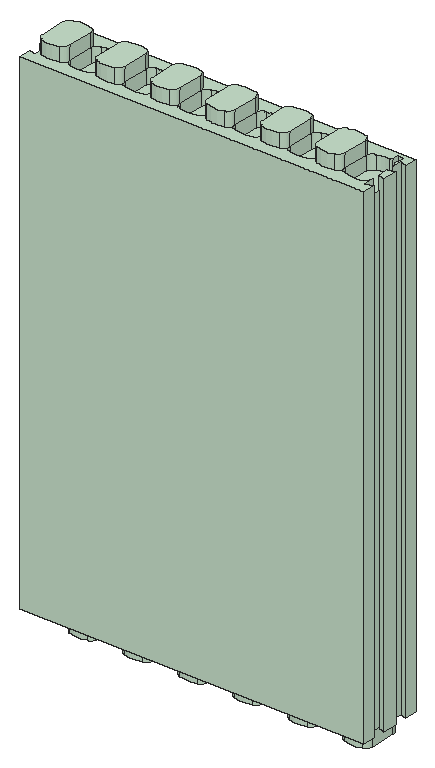
Revit family
Reference planes (in)
  plane 1 "Center (Front/Back)": y = 0
  plane 2: z = 0
  plane 3 "Center (Left/Right)": x = -3
  plane 4: y = 2.375
  plane 5: z = 18
  plane 6: x = 9.5
Forms (in)
  Extrusion 1, solid, material "NUDURA Expanded Polystyrene Foam Insulation"
    sketch origin (0, 0, 0) x (1, 0, 0) y (0, 1, 0)
      loop
        line (-3, 0) -> (9.5, 0) -> (9.5, 0.44867) -> (9.25, 0.38168) -> (9.25, 0.98867) -> (9.5, 0.92633) -> (9.5, 1.44867) -> (9.25, 1.38168) -> (9.25, 1.98867) -> (9.5, 1.92633) -> (9.5, 2.375) -> (-3, 2.375) -> (-3, 1.92633) -> (-2.75, 1.99332) -> (-2.75, 1.38633) -> (-3, 1.44867) -> (-3, 0.92633) -> (-2.75, 0.99332) -> (-2.75, 0.38633) -> (-3, 0.44867) -> (-3, 0)
    from 0 to 18
  Extrusion 2, void
    sketch origin (-0.01563, 0, 0) x (1, 0, 0) y (0, 1, 0)
      loop
        arc (2.98523, 1.98842) -> (2.96388, 1.94159) -> (2.91453, 1.92701) r 0.06202
        arc (2.91453, 1.92701) -> (2.67428, 1.93357) -> (2.4387, 1.88595) r 1.0625
        arc (2.4387, 1.88595) -> (2.31347, 1.79517) -> (2.26563, 1.64808) r 0.25
        line (2.26563, 1.64808) -> (2.26563, 0.72692)
        arc (2.26563, 0.72692) -> (2.31347, 0.57983) -> (2.4387, 0.48905) r 0.25
        arc (2.4387, 0.48905) -> (2.76563, 0.4375) -> (3.09255, 0.48905) r 1.0625
        arc (3.09255, 0.48905) -> (3.21778, 0.57983) -> (3.26563, 0.72692) r 0.25
        line (3.26563, 0.72692) -> (3.26563, 1.64808)
        arc (3.26563, 1.64808) -> (3.25199, 1.72953) -> (3.21256, 1.80209) r 0.25
        arc (3.21256, 1.80209) -> (3.20278, 1.82009) -> (3.19939, 1.84029) r 0.06202
        line (3.19939, 1.84029) -> (3.19939, 2.21033) -> (2.98523, 2.21033) -> (2.98523, 1.98842)
    from 18 to 17.5
  Extrusion 3, void
    sketch origin (1.98437, 0, 0) x (1, 0, 0) y (0, 1, 0)
      loop
        arc (2.98523, 1.98842) -> (2.96388, 1.94159) -> (2.91453, 1.92701) r 0.06202
        arc (2.91453, 1.92701) -> (2.67428, 1.93357) -> (2.4387, 1.88595) r 1.0625
        arc (2.4387, 1.88595) -> (2.31347, 1.79517) -> (2.26563, 1.64808) r 0.25
        line (2.26563, 1.64808) -> (2.26563, 0.72692)
        arc (2.26563, 0.72692) -> (2.31347, 0.57983) -> (2.4387, 0.48905) r 0.25
        arc (2.4387, 0.48905) -> (2.76563, 0.4375) -> (3.09255, 0.48905) r 1.0625
        arc (3.09255, 0.48905) -> (3.21778, 0.57983) -> (3.26563, 0.72692) r 0.25
        line (3.26563, 0.72692) -> (3.26563, 1.64808)
        arc (3.26563, 1.64808) -> (3.25199, 1.72953) -> (3.21256, 1.80209) r 0.25
        arc (3.21256, 1.80209) -> (3.20278, 1.82009) -> (3.19939, 1.84029) r 0.06202
        line (3.19939, 1.84029) -> (3.19939, 2.21033) -> (2.98523, 2.21033) -> (2.98523, 1.98842)
    from 18 to 17.5
  Extrusion 4, void
    sketch origin (-2.01563, 0, 0) x (1, 0, 0) y (0, 1, 0)
      loop
        arc (2.98523, 1.98842) -> (2.96388, 1.94159) -> (2.91453, 1.92701) r 0.06202
        arc (2.91453, 1.92701) -> (2.67428, 1.93357) -> (2.4387, 1.88595) r 1.0625
        arc (2.4387, 1.88595) -> (2.31347, 1.79517) -> (2.26563, 1.64808) r 0.25
        line (2.26563, 1.64808) -> (2.26563, 0.72692)
        arc (2.26563, 0.72692) -> (2.31347, 0.57983) -> (2.4387, 0.48905) r 0.25
        arc (2.4387, 0.48905) -> (2.76563, 0.4375) -> (3.09255, 0.48905) r 1.0625
        arc (3.09255, 0.48905) -> (3.21778, 0.57983) -> (3.26563, 0.72692) r 0.25
        line (3.26563, 0.72692) -> (3.26563, 1.64808)
        arc (3.26563, 1.64808) -> (3.25199, 1.72953) -> (3.21256, 1.80209) r 0.25
        arc (3.21256, 1.80209) -> (3.20278, 1.82009) -> (3.19939, 1.84029) r 0.06202
        line (3.19939, 1.84029) -> (3.19939, 2.21033) -> (2.98523, 2.21033) -> (2.98523, 1.98842)
    from 18 to 17.5
  Extrusion 5, void
    sketch origin (0, 0, 0) x (1, 0, 0) y (0, 1, 0)
      loop
        line (5.53039, 1.98842) -> (5.53039, 2.21033) -> (5.31623, 2.21033) -> (5.31623, 1.84029)
        arc (5.31623, 1.84029) -> (5.31285, 1.82009) -> (5.30307, 1.80209) r 0.06202
        arc (5.30307, 1.80209) -> (5.26364, 1.72953) -> (5.25, 1.64808) r 0.25
        line (5.25, 1.64808) -> (5.25, 0.72692)
        arc (5.25, 0.72692) -> (5.29785, 0.57983) -> (5.42308, 0.48905) r 0.25
        arc (5.42308, 0.48905) -> (5.75, 0.4375) -> (6.07692, 0.48905) r 1.0625
        arc (6.07692, 0.48905) -> (6.20215, 0.57983) -> (6.25, 0.72692) r 0.25
        line (6.25, 0.72692) -> (6.25, 1.64808)
        arc (6.25, 1.64808) -> (6.20215, 1.79517) -> (6.07692, 1.88595) r 0.25
        arc (6.07692, 1.88595) -> (5.84135, 1.93357) -> (5.6011, 1.92701) r 1.0625
        arc (5.6011, 1.92701) -> (5.55174, 1.94159) -> (5.53039, 1.98842) r 0.06202
      loop
        line (3.53039, 1.98842) -> (3.53039, 2.21033) -> (3.31623, 2.21033) -> (3.31623, 1.84029)
        arc (3.31623, 1.84029) -> (3.31285, 1.82009) -> (3.30307, 1.80209) r 0.06202
        arc (3.30307, 1.80209) -> (3.26364, 1.72953) -> (3.25, 1.64808) r 0.25
        line (3.25, 1.64808) -> (3.25, 0.72692)
        arc (3.25, 0.72692) -> (3.29785, 0.57983) -> (3.42308, 0.48905) r 0.25
        arc (3.42308, 0.48905) -> (3.75, 0.4375) -> (4.07692, 0.48905) r 1.0625
        arc (4.07692, 0.48905) -> (4.20215, 0.57983) -> (4.25, 0.72692) r 0.25
        line (4.25, 0.72692) -> (4.25, 1.64808)
        arc (4.25, 1.64808) -> (4.20215, 1.79517) -> (4.07692, 1.88595) r 0.25
        arc (4.07692, 1.88595) -> (3.84135, 1.93357) -> (3.6011, 1.92701) r 1.0625
        arc (3.6011, 1.92701) -> (3.55174, 1.94159) -> (3.53039, 1.98842) r 0.06202
      loop
        line (1.53039, 1.98842) -> (1.53039, 2.21033) -> (1.31623, 2.21033) -> (1.31623, 1.84029)
        arc (1.31623, 1.84029) -> (1.31285, 1.82009) -> (1.30307, 1.80209) r 0.06202
        arc (1.30307, 1.80209) -> (1.26364, 1.72953) -> (1.25, 1.64808) r 0.25
        line (1.25, 1.64808) -> (1.25, 0.72692)
        arc (1.25, 0.72692) -> (1.29785, 0.57983) -> (1.42308, 0.48905) r 0.25
        arc (1.42308, 0.48905) -> (1.75, 0.4375) -> (2.07692, 0.48905) r 1.0625
        arc (2.07692, 0.48905) -> (2.20215, 0.57983) -> (2.25, 0.72692) r 0.25
        line (2.25, 0.72692) -> (2.25, 1.64808)
        arc (2.25, 1.64808) -> (2.20215, 1.79517) -> (2.07692, 1.88595) r 0.25
        arc (2.07692, 1.88595) -> (1.84135, 1.93357) -> (1.6011, 1.92701) r 1.0625
        arc (1.6011, 1.92701) -> (1.55174, 1.94159) -> (1.53039, 1.98842) r 0.06202
      loop
        line (-0.46961, 1.98842) -> (-0.46961, 2.21033) -> (-0.68377, 2.21033) -> (-0.68377, 1.84029)
        arc (-0.68377, 1.84029) -> (-0.68715, 1.82009) -> (-0.69693, 1.80209) r 0.06202
        arc (-0.69693, 1.80209) -> (-0.73636, 1.72953) -> (-0.75, 1.64808) r 0.25
        line (-0.75, 1.64808) -> (-0.75, 0.72692)
        arc (-0.75, 0.72692) -> (-0.70215, 0.57983) -> (-0.57692, 0.48905) r 0.25
        arc (-0.57692, 0.48905) -> (-0.25, 0.4375) -> (0.07692, 0.48905) r 1.0625
        arc (0.07692, 0.48905) -> (0.20215, 0.57983) -> (0.25, 0.72692) r 0.25
        line (0.25, 0.72692) -> (0.25, 1.64808)
        arc (0.25, 1.64808) -> (0.20215, 1.79517) -> (0.07692, 1.88595) r 0.25
        arc (0.07692, 1.88595) -> (-0.15865, 1.93357) -> (-0.3989, 1.92701) r 1.0625
        arc (-0.3989, 1.92701) -> (-0.44826, 1.94159) -> (-0.46961, 1.98842) r 0.06202
      loop
        line (7.53039, 1.98842) -> (7.53039, 2.21033) -> (7.31623, 2.21033) -> (7.31623, 1.84029)
        arc (7.31623, 1.84029) -> (7.31285, 1.82009) -> (7.30307, 1.80209) r 0.06202
        arc (7.30307, 1.80209) -> (7.26364, 1.72953) -> (7.25, 1.64808) r 0.25
        line (7.25, 1.64808) -> (7.25, 0.72692)
        arc (7.25, 0.72692) -> (7.29785, 0.57983) -> (7.42308, 0.48905) r 0.25
        arc (7.42308, 0.48905) -> (7.75, 0.4375) -> (8.07692, 0.48905) r 1.0625
        arc (8.07692, 0.48905) -> (8.20215, 0.57983) -> (8.25, 0.72692) r 0.25
        line (8.25, 0.72692) -> (8.25, 1.64808)
        arc (8.25, 1.64808) -> (8.20215, 1.79517) -> (8.07692, 1.88595) r 0.25
        arc (8.07692, 1.88595) -> (7.84135, 1.93357) -> (7.6011, 1.92701) r 1.0625
        arc (7.6011, 1.92701) -> (7.55174, 1.94159) -> (7.53039, 1.98842) r 0.06202
      loop
        line (-2.46961, 1.98842) -> (-2.46961, 2.21033) -> (-2.68377, 2.21033) -> (-2.68377, 1.84029)
        arc (-2.68377, 1.84029) -> (-2.68715, 1.82009) -> (-2.69693, 1.80209) r 0.06202
        arc (-2.69693, 1.80209) -> (-2.73636, 1.72953) -> (-2.75, 1.64808) r 0.25
        line (-2.75, 1.64808) -> (-2.75, 0.72692)
        arc (-2.75, 0.72692) -> (-2.70215, 0.57983) -> (-2.57692, 0.48905) r 0.25
        arc (-2.57692, 0.48905) -> (-2.25, 0.4375) -> (-1.92308, 0.48905) r 1.0625
        arc (-1.92308, 0.48905) -> (-1.79785, 0.57983) -> (-1.75, 0.72692) r 0.25
        line (-1.75, 0.72692) -> (-1.75, 1.64808)
        arc (-1.75, 1.64808) -> (-1.79785, 1.79517) -> (-1.92308, 1.88595) r 0.25
        arc (-1.92308, 1.88595) -> (-2.15865, 1.93357) -> (-2.3989, 1.92701) r 1.0625
        arc (-2.3989, 1.92701) -> (-2.44826, 1.94159) -> (-2.46961, 1.98842) r 0.06202
    from 0 to 0.5
  Extrusion 6, void
    sketch origin (3.98437, 0, 0) x (1, 0, 0) y (0, 1, 0)
      loop
        arc (2.98523, 1.98842) -> (2.96388, 1.94159) -> (2.91453, 1.92701) r 0.06202
        arc (2.91453, 1.92701) -> (2.67428, 1.93357) -> (2.4387, 1.88595) r 1.0625
        arc (2.4387, 1.88595) -> (2.31347, 1.79517) -> (2.26563, 1.64808) r 0.25
        line (2.26563, 1.64808) -> (2.26563, 0.72692)
        arc (2.26563, 0.72692) -> (2.31347, 0.57983) -> (2.4387, 0.48905) r 0.25
        arc (2.4387, 0.48905) -> (2.76563, 0.4375) -> (3.09255, 0.48905) r 1.0625
        arc (3.09255, 0.48905) -> (3.21778, 0.57983) -> (3.26563, 0.72692) r 0.25
        line (3.26563, 0.72692) -> (3.26563, 1.64808)
        arc (3.26563, 1.64808) -> (3.25199, 1.72953) -> (3.21256, 1.80209) r 0.25
        arc (3.21256, 1.80209) -> (3.20278, 1.82009) -> (3.19939, 1.84029) r 0.06202
        line (3.19939, 1.84029) -> (3.19939, 2.21033) -> (2.98523, 2.21033) -> (2.98523, 1.98842)
    from 18 to 17.5
  Extrusion 7, void
    sketch origin (-4.01563, 0, 0) x (1, 0, 0) y (0, 1, 0)
      loop
        arc (2.98523, 1.98842) -> (2.96388, 1.94159) -> (2.91453, 1.92701) r 0.06202
        arc (2.91453, 1.92701) -> (2.67428, 1.93357) -> (2.4387, 1.88595) r 1.0625
        arc (2.4387, 1.88595) -> (2.31347, 1.79517) -> (2.26563, 1.64808) r 0.25
        line (2.26563, 1.64808) -> (2.26563, 0.72692)
        arc (2.26563, 0.72692) -> (2.31347, 0.57983) -> (2.4387, 0.48905) r 0.25
        arc (2.4387, 0.48905) -> (2.76563, 0.4375) -> (3.09255, 0.48905) r 1.0625
        arc (3.09255, 0.48905) -> (3.21778, 0.57983) -> (3.26563, 0.72692) r 0.25
        line (3.26563, 0.72692) -> (3.26563, 1.64808)
        arc (3.26563, 1.64808) -> (3.25199, 1.72953) -> (3.21256, 1.80209) r 0.25
        arc (3.21256, 1.80209) -> (3.20278, 1.82009) -> (3.19939, 1.84029) r 0.06202
        line (3.19939, 1.84029) -> (3.19939, 2.21033) -> (2.98523, 2.21033) -> (2.98523, 1.98842)
    from 18 to 17.5
  Extrusion 8, void
    sketch origin (5.98437, 0, 0) x (1, 0, 0) y (0, 1, 0)
      loop
        arc (2.98523, 1.98842) -> (2.96388, 1.94159) -> (2.91453, 1.92701) r 0.06202
        arc (2.91453, 1.92701) -> (2.67428, 1.93357) -> (2.4387, 1.88595) r 1.0625
        arc (2.4387, 1.88595) -> (2.31347, 1.79517) -> (2.26563, 1.64808) r 0.25
        line (2.26563, 1.64808) -> (2.26563, 0.72692)
        arc (2.26563, 0.72692) -> (2.31347, 0.57983) -> (2.4387, 0.48905) r 0.25
        arc (2.4387, 0.48905) -> (2.76563, 0.4375) -> (3.09255, 0.48905) r 1.0625
        arc (3.09255, 0.48905) -> (3.21778, 0.57983) -> (3.26563, 0.72692) r 0.25
        line (3.26563, 0.72692) -> (3.26563, 1.64808)
        arc (3.26563, 1.64808) -> (3.25199, 1.72953) -> (3.21256, 1.80209) r 0.25
        arc (3.21256, 1.80209) -> (3.20278, 1.82009) -> (3.19939, 1.84029) r 0.06202
        line (3.19939, 1.84029) -> (3.19939, 2.21033) -> (2.98523, 2.21033) -> (2.98523, 1.98842)
    from 18 to 17.5
Cuts and joins
  Extrusion 2, Extrusion 3, Extrusion 4, Extrusion 5, Extrusion 6, Extrusion 7, Extrusion 8 cuts Extrusion 1
Lines and regions (in)
  model lines
    curve 1: line (-0.75, 0, 0) -> (-0.75, 0, 18)
Dimensions and locks (in)
  locked: plane 5 to plane 2 at 18
  aligned and locked: nested 14 to cut or joined group of Extrusion 1, Extrusion 2, Extrusion 3, Extrusion 4, Extrusion 5, Extrusion 6, Extrusion 7, Extrusion 8
Nested families (in)
  nested 1: "Capture Lugs" at (3.25, 5.625, 0), type "Capture Lugs"
  nested 2: "Interlock Tooth" at (1.25, 5.625, 0), type "Interlock Tooth"
  nested 3: "Interlock Tooth" at (3.25, 5.625, 0), type "Interlock Tooth"
  nested 4: "Interlock Tooth" at (5.25, 5.625, 0), type "Interlock Tooth"
  nested 5: "Interlock Tooth" at (4.25, 5.625, -18.5), type "Interlock Tooth"
  nested 6: "Interlock Tooth" at (2.25, 5.625, -18.5), type "Interlock Tooth"
  nested 7: "Interlock Tooth" at (0.25, 5.625, -18.5), type "Interlock Tooth"
  nested 8: "Interlock Tooth" at (6.25, 5.625, -18.5), type "Interlock Tooth"
  nested 9: "Interlock Tooth" at (-0.75, 5.625, 0), type "Interlock Tooth"
  nested 10: "Interlock Tooth" at (-1.75, 5.625, -18.5), type "Interlock Tooth"
  nested 11: "Interlock Tooth" at (7.25, 5.625, 0), type "Interlock Tooth"
  nested 12: "Interlock Tooth" at (-2.75, 5.625, 0), type "Interlock Tooth"
  nested 13: "Interlock Tooth" at (8.25, 5.625, -18.5), type "Interlock Tooth"
  nested 14: "NUDURA Logo Diamond" at (-8.74744, 0, 0), type "NUDURA Logo Diamond"
Definition of nested family "Capture Lugs"
  Reference planes (in)
    plane 1 "Center (Front/Back)": y = 0
    plane 2: z = 0
    plane 3 "Center (Left/Right)": x = 0
  Forms (in)
    Extrusion 1, solid, material "High Density Polystyrene"
      sketch origin (0, 0, 0) x (0, 1, 0) y (0, 0, 1)
        loop
          arc (-3.25, 0) -> (-3.22112, 0.01975) -> (-3.21, 0.05292) r 0.055
          line (-3.21, 0.05292) -> (-3.21, 17.69292)
          arc (-3.21, 17.69292) -> (-3.22112, 17.72608) -> (-3.25, 17.74583) r 0.055
          line (-3.25, 17.74583) -> (-3.25, 0)
      from 0.36328 to -0.36328
    Extrusion 2, solid, material "High Density Polystyrene"
      sketch origin (0, 0, 0) x (0, 1, 0) y (0, 0, 1)
        loop
          line (-3.21, 16.17792) -> (-3.21, 14.97792) -> (-2.71, 14.97792) -> (-2.71, 16.17792) -> (-3.21, 16.17792)
        loop
          line (-3.21, 14.22792) -> (-3.21, 13.02792) -> (-2.71, 13.02792) -> (-2.71, 14.22792) -> (-3.21, 14.22792)
        loop
          line (-3.21, 12.27792) -> (-3.21, 11.07792) -> (-2.71, 11.07792) -> (-2.71, 12.27792) -> (-3.21, 12.27792)
        loop
          line (-3.21, 10.32792) -> (-3.21, 9.24792) -> (-2.71, 9.24792) -> (-2.71, 10.32792) -> (-3.21, 10.32792)
        loop
          line (-3.21, 8.49792) -> (-3.21, 7.41792) -> (-2.71, 7.41792) -> (-2.71, 8.49792) -> (-3.21, 8.49792)
        loop
          line (-3.21, 6.66792) -> (-3.21, 5.46792) -> (-2.71, 5.46792) -> (-2.71, 6.66792) -> (-3.21, 6.66792)
        loop
          line (-3.21, 4.71792) -> (-3.21, 3.51792) -> (-2.71, 3.51792) -> (-2.71, 4.71792) -> (-3.21, 4.71792)
        loop
          line (-3.21, 2.76792) -> (-3.21, 1.56792) -> (-2.71, 1.56792) -> (-2.71, 2.76792) -> (-3.21, 2.76792)
      from 0.25 to -0.25
    Extrusion 3, void
      sketch origin (0, 0, 0) x (1, 0, 0) y (0, 1, 0)
        loop
          arc (-0.25, -2.79249) -> (-0.22584, -2.73416) -> (-0.1675, -2.71) r 0.0825
          line (-0.1675, -2.71) -> (-0.25, -2.71) -> (-0.25, -2.79249)
      from 0 to 18
    Extrusion 4, void
      sketch origin (0, 0, 0) x (-1, 0, 0) y (0, -1, 0)
        loop
          line (-0.25, 2.79249) -> (-0.25, 2.71) -> (-0.1675, 2.71)
          arc (-0.1675, 2.71) -> (-0.22584, 2.73416) -> (-0.25, 2.79249) r 0.0825
      from 0 to 18
    Extrusion 5, void
      sketch origin (0, 0, 0) x (1, 0, 0) y (0, 1, 0)
        loop
          arc (-0.04687, -2.835) -> (0, -3.07587) -> (0.04688, -2.835) r 0.125
          line (0.04688, -2.835) -> (0.04688, -2.71) -> (-0.04687, -2.71) -> (-0.04687, -2.835)
      from 0 to 18
  Cuts and joins
    Extrusion 3, Extrusion 4 cuts Extrusion 1
    Extrusion 3, Extrusion 4, Extrusion 5 cuts Extrusion 2
Definition of nested family "Interlock Tooth"
  Reference planes (in)
    plane 1 "Center (Front/Back)": y = 0
    plane 2: z = 0
    plane 3 "Center (Left/Right)": x = 0
    plane 4: z = 18
    plane 5: z = 18.5
    plane 6: z = -0.5
  Forms (in)
    Extrusion 1, solid, material "NUDURA Expanded Polystyrene Foam Insulation"
      sketch origin (0, -8.875, 0) x (1, 0, 0) y (0, 1, 0)
        loop
          arc (0, 3.97692) -> (0.04785, 3.82983) -> (0.17308, 3.73905) r 0.25
          arc (0.17308, 3.73905) -> (0.5, 3.6875) -> (0.82692, 3.73905) r 1.0625
          arc (0.82692, 3.73905) -> (0.95215, 3.82983) -> (1, 3.97692) r 0.25
          line (1, 3.97692) -> (1, 4.89808)
          arc (1, 4.89808) -> (0.95215, 5.04517) -> (0.82692, 5.13595) r 0.25
          arc (0.82692, 5.13595) -> (0.5, 5.1875) -> (0.17308, 5.13595) r 1.0625
          arc (0.17308, 5.13595) -> (0.04785, 5.04517) -> (0, 4.89808) r 0.25
          line (0, 4.89808) -> (0, 3.97692)
      from 18 to 18.5
  Dimensions and locks (in)
    locked: plane 4 to level at 18
    locked: plane 4 to plane 5 at 0.5
    locked: plane 6 to level at 0.5
Definition of nested family "NUDURA Logo Diamond"
  Reference planes (in)
    plane 1 "Center (Front/Back)": y = 0
    plane 2: z = 0
    plane 3 "Center (Left/Right)": x = 0
  Lines and regions (in)
    model lines
      curve 1: line (12.59848, 0, 17.50104) -> (12.24492, 0, 17.85459)
      curve 2: line (12.36113, 0, 16.76872) -> (12.59848, 0, 17.00607)
      curve 3: line (12.59848, 0, 16.00104) -> (12.36113, 0, 16.23839)
      curve 4: line (12.36113, 0, 15.26872) -> (12.59848, 0, 15.50607)
      curve 5: line (12.59848, 0, 14.50104) -> (12.36113, 0, 14.73839)
      curve 6: line (12.36113, 0, 13.76872) -> (12.59848, 0, 14.00607)
      curve 7: line (12.17421, 0, 13.28388) -> (12.71208, 0, 12.74602)
      curve 8: line (12.71208, 0, 12.74602) -> (12.78279, 0, 12.81673)
      curve 9: line (11.28279, 0, 12.74602) -> (11.82066, 0, 13.28388)
      curve 10: line (11.63374, 0, 13.23839) -> (11.21208, 0, 12.81673)
      curve 11: line (11.3964, 0, 14.00607) -> (11.63374, 0, 13.76872)
      curve 12: line (11.63374, 0, 14.73839) -> (11.3964, 0, 14.50104)
      curve 13: line (11.3964, 0, 15.50607) -> (11.63374, 0, 15.26872)
      curve 14: line (11.63374, 0, 16.23839) -> (11.3964, 0, 16.00104)
      curve 15: line (11.3964, 0, 17.00607) -> (11.63374, 0, 16.76872)
      curve 16: line (11.74995, 0, 17.85459) -> (11.3964, 0, 17.50104)
      curve 17: line (11.82066, 0, 17.78388) -> (11.46711, 0, 17.43033)
      curve 18: line (12.52777, 0, 17.43033) -> (12.17421, 0, 17.78388)
      curve 19: line (12.17421, 0, 16.72322) -> (12.52777, 0, 17.07678)
      curve 20: line (11.46711, 0, 17.07678) -> (11.82066, 0, 16.72322)
      curve 21: arc (11.3964, 0, 17.50104) -> (11.29388, 0, 17.25355) -> (11.3964, 0, 17.00607) r 0.35
      curve 22: arc (11.74995, 0, 17.85459) -> (11.99744, 0, 17.95711) -> (12.24492, 0, 17.85459) r 0.35
      curve 23: arc (11.46711, 0, 17.43033) -> (11.39388, 0, 17.25355) -> (11.46711, 0, 17.07678) r 0.25
      curve 24: arc (12.52777, 0, 17.43033) -> (12.60099, 0, 17.25355) -> (12.52777, 0, 17.07678) r 0.25
      curve 25: arc (12.17421, 0, 16.72322) -> (11.99744, 0, 16.65) -> (11.82066, 0, 16.72322) r 0.25
      curve 26: arc (11.82066, 0, 17.78388) -> (11.99744, 0, 17.85711) -> (12.17421, 0, 17.78388) r 0.25
      curve 27: arc (12.59848, 0, 17.50104) -> (12.70099, 0, 17.25355) -> (12.59848, 0, 17.00607) r 0.35
      curve 28: arc (11.63374, 0, 16.76872) -> (11.74358, 0, 16.50355) -> (11.63374, 0, 16.23839) r 0.375
      curve 29: arc (12.36113, 0, 16.76872) -> (12.2513, 0, 16.50355) -> (12.36113, 0, 16.23839) r 0.375
      curve 30: line (12.36113, 0, 15.26872) -> (12.59848, 0, 15.50607)
      curve 31: line (11.3964, 0, 15.50607) -> (11.63374, 0, 15.26872)
      curve 32: line (11.82066, 0, 16.28388) -> (11.46711, 0, 15.93033)
      curve 33: line (12.52777, 0, 15.93033) -> (12.17421, 0, 16.28388)
      curve 34: line (12.17421, 0, 15.22322) -> (12.52777, 0, 15.57678)
      curve 35: line (11.46711, 0, 15.57678) -> (11.82066, 0, 15.22322)
      curve 36: arc (11.3964, 0, 16.00104) -> (11.29388, 0, 15.75355) -> (11.3964, 0, 15.50607) r 0.35
      curve 37: arc (11.46711, 0, 15.93033) -> (11.39388, 0, 15.75355) -> (11.46711, 0, 15.57678) r 0.25
      curve 38: arc (12.52777, 0, 15.93033) -> (12.60099, 0, 15.75355) -> (12.52777, 0, 15.57678) r 0.25
      curve 39: arc (12.17421, 0, 15.22322) -> (11.99744, 0, 15.15) -> (11.82066, 0, 15.22322) r 0.25
      curve 40: arc (11.82066, 0, 16.28388) -> (11.99744, 0, 16.35711) -> (12.17421, 0, 16.28388) r 0.25
      curve 41: arc (12.59848, 0, 16.00104) -> (12.70099, 0, 15.75355) -> (12.59848, 0, 15.50607) r 0.35
      curve 42: line (11.63374, 0, 16.23839) -> (11.3964, 0, 16.00104)
      curve 43: line (12.59848, 0, 16.00104) -> (12.36113, 0, 16.23839)
      curve 44: arc (11.63374, 0, 15.26872) -> (11.74358, 0, 15.00355) -> (11.63374, 0, 14.73839) r 0.375
      curve 45: arc (12.36113, 0, 15.26872) -> (12.2513, 0, 15.00355) -> (12.36113, 0, 14.73839) r 0.375
      curve 46: line (12.36113, 0, 13.76872) -> (12.59848, 0, 14.00607)
      curve 47: line (11.3964, 0, 14.00607) -> (11.63374, 0, 13.76872)
      curve 48: line (11.82066, 0, 14.78388) -> (11.46711, 0, 14.43033)
      curve 49: line (12.52777, 0, 14.43033) -> (12.17421, 0, 14.78388)
      curve 50: line (12.17421, 0, 13.72322) -> (12.52777, 0, 14.07678)
      curve 51: line (11.46711, 0, 14.07678) -> (11.82066, 0, 13.72322)
      curve 52: arc (11.3964, 0, 14.50104) -> (11.29388, 0, 14.25355) -> (11.3964, 0, 14.00607) r 0.35
      curve 53: arc (11.46711, 0, 14.43033) -> (11.39388, 0, 14.25355) -> (11.46711, 0, 14.07678) r 0.25
      curve 54: arc (12.52777, 0, 14.43033) -> (12.60099, 0, 14.25355) -> (12.52777, 0, 14.07678) r 0.25
      curve 55: arc (12.17421, 0, 13.72322) -> (11.99744, 0, 13.65) -> (11.82066, 0, 13.72322) r 0.25
      curve 56: arc (11.82066, 0, 14.78388) -> (11.99744, 0, 14.85711) -> (12.17421, 0, 14.78388) r 0.25
      curve 57: arc (12.59848, 0, 14.50104) -> (12.70099, 0, 14.25355) -> (12.59848, 0, 14.00607) r 0.35
      curve 58: line (11.63374, 0, 14.73839) -> (11.3964, 0, 14.50104)
      curve 59: arc (11.63374, 0, 13.76872) -> (11.74358, 0, 13.50355) -> (11.63374, 0, 13.23839) r 0.375
      curve 60: arc (12.36113, 0, 13.76872) -> (12.2513, 0, 13.50355) -> (12.36113, 0, 13.23839) r 0.375
      curve 61: line (12.78279, 0, 12.81673) -> (12.36113, 0, 13.23839)
      curve 62: line (11.21208, 0, 12.81673) -> (11.28279, 0, 12.74602)
      curve 63: arc (11.82066, 0, 13.28388) -> (11.99744, 0, 13.35711) -> (12.17421, 0, 13.28388) r 0.25
      curve 64: line (12.59848, 0, 0.50607) -> (12.24492, 0, 0.15251)
      curve 65: line (12.36113, 0, 1.23839) -> (12.59848, 0, 1.00104)
      curve 66: line (12.59848, 0, 2.00607) -> (12.36113, 0, 1.76872)
      curve 67: line (12.36113, 0, 2.73839) -> (12.59848, 0, 2.50104)
      curve 68: line (12.59848, 0, 3.50607) -> (12.36113, 0, 3.26872)
      curve 69: line (12.36113, 0, 4.23839) -> (12.59848, 0, 4.00104)
      curve 70: line (12.17421, 0, 4.72322) -> (12.71208, 0, 5.26109)
      curve 71: line (12.71208, 0, 5.26109) -> (12.78279, 0, 5.19038)
      curve 72: line (11.28279, 0, 5.26109) -> (11.82066, 0, 4.72322)
      curve 73: line (11.63374, 0, 4.76872) -> (11.21208, 0, 5.19038)
      curve 74: line (11.3964, 0, 4.00104) -> (11.63374, 0, 4.23839)
      curve 75: line (11.63374, 0, 3.26872) -> (11.3964, 0, 3.50607)
      curve 76: line (11.3964, 0, 2.50104) -> (11.63374, 0, 2.73839)
      curve 77: line (11.63374, 0, 1.76872) -> (11.3964, 0, 2.00607)
      curve 78: line (11.3964, 0, 1.00104) -> (11.63374, 0, 1.23839)
      curve 79: line (11.74995, 0, 0.15251) -> (11.3964, 0, 0.50607)
      curve 80: line (11.82066, 0, 0.22322) -> (11.46711, 0, 0.57678)
      curve 81: line (12.52777, 0, 0.57678) -> (12.17421, 0, 0.22322)
      curve 82: line (12.17421, 0, 1.28388) -> (12.52777, 0, 0.93033)
      curve 83: line (11.46711, 0, 0.93033) -> (11.82066, 0, 1.28388)
      curve 84: arc (11.3964, 0, 0.50607) -> (11.29388, 0, 0.75355) -> (11.3964, 0, 1.00104) r 0.35
      curve 85: arc (11.74995, 0, 0.15251) -> (11.99744, 0, 0.05) -> (12.24492, 0, 0.15251) r 0.35
      curve 86: arc (11.46711, 0, 0.57678) -> (11.39388, 0, 0.75355) -> (11.46711, 0, 0.93033) r 0.25
      curve 87: arc (12.52777, 0, 0.57678) -> (12.60099, 0, 0.75355) -> (12.52777, 0, 0.93033) r 0.25
      curve 88: arc (12.17421, 0, 1.28388) -> (11.99744, 0, 1.35711) -> (11.82066, 0, 1.28388) r 0.25
      curve 89: arc (11.82066, 0, 0.22322) -> (11.99744, 0, 0.15) -> (12.17421, 0, 0.22322) r 0.25
      curve 90: arc (12.59848, 0, 0.50607) -> (12.70099, 0, 0.75355) -> (12.59848, 0, 1.00104) r 0.35
      curve 91: arc (11.63374, 0, 1.23839) -> (11.74358, 0, 1.50355) -> (11.63374, 0, 1.76872) r 0.375
      curve 92: arc (12.36113, 0, 1.23839) -> (12.2513, 0, 1.50355) -> (12.36113, 0, 1.76872) r 0.375
      curve 93: line (12.36113, 0, 2.73839) -> (12.59848, 0, 2.50104)
      curve 94: line (11.3964, 0, 2.50104) -> (11.63374, 0, 2.73839)
      curve 95: line (11.82066, 0, 1.72322) -> (11.46711, 0, 2.07678)
      curve 96: line (12.52777, 0, 2.07678) -> (12.17421, 0, 1.72322)
      curve 97: line (12.17421, 0, 2.78388) -> (12.52777, 0, 2.43033)
      curve 98: line (11.46711, 0, 2.43033) -> (11.82066, 0, 2.78388)
      curve 99: arc (11.3964, 0, 2.00607) -> (11.29388, 0, 2.25355) -> (11.3964, 0, 2.50104) r 0.35
      curve 100: arc (11.46711, 0, 2.07678) -> (11.39388, 0, 2.25355) -> (11.46711, 0, 2.43033) r 0.25
      curve 101: arc (12.52777, 0, 2.07678) -> (12.60099, 0, 2.25355) -> (12.52777, 0, 2.43033) r 0.25
      curve 102: arc (12.17421, 0, 2.78388) -> (11.99744, 0, 2.85711) -> (11.82066, 0, 2.78388) r 0.25
      curve 103: arc (11.82066, 0, 1.72322) -> (11.99744, 0, 1.65) -> (12.17421, 0, 1.72322) r 0.25
      curve 104: arc (12.59848, 0, 2.00607) -> (12.70099, 0, 2.25355) -> (12.59848, 0, 2.50104) r 0.35
      curve 105: line (11.63374, 0, 1.76872) -> (11.3964, 0, 2.00607)
      curve 106: line (12.59848, 0, 2.00607) -> (12.36113, 0, 1.76872)
      curve 107: arc (11.63374, 0, 2.73839) -> (11.74358, 0, 3.00355) -> (11.63374, 0, 3.26872) r 0.375
      curve 108: arc (12.36113, 0, 2.73839) -> (12.2513, 0, 3.00355) -> (12.36113, 0, 3.26872) r 0.375
      curve 109: line (12.36113, 0, 4.23839) -> (12.59848, 0, 4.00104)
      curve 110: line (11.3964, 0, 4.00104) -> (11.63374, 0, 4.23839)
      curve 111: line (11.82066, 0, 3.22322) -> (11.46711, 0, 3.57678)
      curve 112: line (12.52777, 0, 3.57678) -> (12.17421, 0, 3.22322)
      curve 113: line (12.17421, 0, 4.28388) -> (12.52777, 0, 3.93033)
      curve 114: line (11.46711, 0, 3.93033) -> (11.82066, 0, 4.28388)
      curve 115: arc (11.3964, 0, 3.50607) -> (11.29388, 0, 3.75355) -> (11.3964, 0, 4.00104) r 0.35
      curve 116: arc (11.46711, 0, 3.57678) -> (11.39388, 0, 3.75355) -> (11.46711, 0, 3.93033) r 0.25
      curve 117: arc (12.52777, 0, 3.57678) -> (12.60099, 0, 3.75355) -> (12.52777, 0, 3.93033) r 0.25
      curve 118: arc (12.17421, 0, 4.28388) -> (11.99744, 0, 4.35711) -> (11.82066, 0, 4.28388) r 0.25
      curve 119: arc (11.82066, 0, 3.22322) -> (11.99744, 0, 3.15) -> (12.17421, 0, 3.22322) r 0.25
      curve 120: arc (12.59848, 0, 3.50607) -> (12.70099, 0, 3.75355) -> (12.59848, 0, 4.00104) r 0.35
      curve 121: line (11.63374, 0, 3.26872) -> (11.3964, 0, 3.50607)
      curve 122: arc (11.63374, 0, 4.23839) -> (11.74358, 0, 4.50355) -> (11.63374, 0, 4.76872) r 0.375
      curve 123: arc (12.36113, 0, 4.23839) -> (12.2513, 0, 4.50355) -> (12.36113, 0, 4.76872) r 0.375
      curve 124: line (12.78279, 0, 5.19038) -> (12.36113, 0, 4.76872)
      curve 125: line (11.21208, 0, 5.19038) -> (11.28279, 0, 5.26109)
      curve 126: arc (11.82066, 0, 4.72322) -> (11.99744, 0, 4.65) -> (12.17421, 0, 4.72322) r 0.25
      curve 127: line (12.37244, 0, 12.50355) -> (11.62244, 0, 12.50355)
      curve 128: line (12.74744, 0, 5.87855) -> (12.74744, 0, 12.12855)
      curve 129: line (11.24744, 0, 12.12855) -> (11.24744, 0, 5.87855)
      curve 130: line (11.62244, 0, 5.50355) -> (12.37244, 0, 5.50355)
      curve 131: line (12.47232, 0, 12.00355) -> (12.0393, 0, 12.25355)
      curve 132: line (12.47232, 0, 11.50355) -> (12.47232, 0, 12.00355)
      curve 133: line (12.25581, 0, 11.37855) -> (12.47232, 0, 11.50355)
      curve 134: line (12.02256, 0, 11.51322) -> (12.25581, 0, 11.37855)
      curve 135: line (12.22232, 0, 11.62855) -> (12.02256, 0, 11.51322)
      curve 136: line (11.80605, 0, 12.11888) -> (12.22232, 0, 11.87855)
      curve 137: line (12.22232, 0, 11.87855) -> (12.22232, 0, 11.62855)
      curve 138: line (12.0393, 0, 12.25355) -> (11.80605, 0, 12.11888)
      curve 139: line (11.77256, 0, 11.63822) -> (11.97232, 0, 11.75355)
      curve 140: line (11.97232, 0, 11.75355) -> (11.73906, 0, 11.88822)
      curve 141: line (11.73906, 0, 11.88822) -> (11.52256, 0, 11.76322)
      curve 142: line (11.52256, 0, 11.76322) -> (11.52256, 0, 11.26322)
      curve 143: line (11.77256, 0, 11.38822) -> (11.77256, 0, 11.63822)
      curve 144: line (12.18882, 0, 11.14789) -> (11.77256, 0, 11.38822)
      curve 145: line (11.95557, 0, 11.01322) -> (12.18882, 0, 11.14789)
      curve 146: line (11.52256, 0, 11.26322) -> (11.95557, 0, 11.01322)
      curve 147: line (12.31108, 0, 10.60411) -> (11.68379, 0, 10.74458)
      curve 148: line (11.68379, 0, 10.74458) -> (11.68379, 0, 10.51321)
      curve 149: line (11.68379, 0, 10.51321) -> (12.1295, 0, 10.41405)
      curve 150: line (12.1295, 0, 10.41405) -> (11.68379, 0, 10.27358)
      curve 151: line (11.68379, 0, 10.27358) -> (11.68379, 0, 9.8852)
      curve 152: line (11.68379, 0, 9.8852) -> (12.17077, 0, 9.77615)
      curve 153: line (12.17077, 0, 9.77615) -> (12.17077, 0, 9.74472)
      curve 154: line (12.17077, 0, 9.74472) -> (11.86146, 0, 9.80279)
      curve 155: line (11.68379, 0, 9.65536) -> (11.68379, 0, 9.35864)
      curve 156: line (12.07077, 0, 8.74385) -> (12.07077, 0, 8.99996)
      curve 157: line (12.07077, 0, 8.99996) -> (11.68379, 0, 9.08605)
      curve 158: line (11.68379, 0, 9.08605) -> (11.68379, 0, 8.47809)
      curve 159: line (11.91823, 0, 9.06589) -> (12.31108, 0, 8.97792)
      curve 160: line (11.82444, 0, 8.55476) -> (11.82444, 0, 8.79865)
      curve 161: line (11.82444, 0, 8.79865) -> (12.07077, 0, 8.74385)
      curve 162: line (11.68379, 0, 8.07193) -> (11.68379, 0, 7.77522)
      curve 163: line (11.91823, 0, 7.48247) -> (12.21108, 0, 7.41688)
      curve 164: line (12.21108, 0, 7.41688) -> (12.21108, 0, 6.95405)
      curve 165: line (12.16108, 0, 6.90405) -> (12.12077, 0, 6.90405)
      curve 166: line (12.07077, 0, 6.95405) -> (12.07077, 0, 7.08675)
      curve 167: line (12.07077, 0, 7.08675) -> (12.12077, 0, 7.07556)
      curve 168: line (12.12077, 0, 7.07556) -> (12.12077, 0, 7.33463)
      curve 169: line (12.12077, 0, 7.33463) -> (11.68379, 0, 7.43249)
      curve 170: line (11.68379, 0, 7.43249) -> (11.68379, 0, 7.17341)
      curve 171: line (11.68379, 0, 7.17341) -> (11.97077, 0, 7.10915)
      curve 172: line (11.97077, 0, 7.10915) -> (11.97077, 0, 6.99425)
      curve 173: line (11.92077, 0, 6.94425) -> (11.68379, 0, 6.94425)
      curve 174: line (11.68379, 0, 6.94425) -> (11.68379, 0, 6.45682)
      curve 175: line (11.68379, 0, 6.45682) -> (11.78284, 0, 6.38658)
      curve 176: line (11.78284, 0, 6.38658) -> (11.78284, 0, 6.05178)
      curve 177: line (12.12371, 0, 6.14486) -> (11.88284, 0, 6.31567)
      curve 178: line (11.88284, 0, 6.31567) -> (11.88284, 0, 6.07909)
      curve 179: line (11.88284, 0, 6.07909) -> (12.12371, 0, 6.14486)
      curve 180: line (11.78284, 0, 6.05178) -> (11.68379, 0, 6.02474)
      curve 181: line (11.68379, 0, 6.02474) -> (11.68379, 0, 5.75355)
      curve 182: line (11.68379, 0, 5.75355) -> (12.31108, 0, 5.92483)
      curve 183: line (12.31108, 0, 5.92483) -> (12.31108, 0, 6.28791)
      curve 184: line (12.31108, 0, 6.28791) -> (11.76249, 0, 6.67694)
      curve 185: line (11.76249, 0, 6.67694) -> (11.90321, 0, 6.67694)
      curve 186: line (12.31108, 0, 6.78674) -> (12.31108, 0, 7.63562)
      curve 187: line (12.31108, 0, 7.63562) -> (11.90258, 0, 7.7271)
      curve 188: line (11.82444, 0, 7.82469) -> (11.82444, 0, 7.92839)
      curve 189: line (11.88536, 0, 7.97718) -> (12.31108, 0, 7.88185)
      curve 190: line (12.31108, 0, 7.88185) -> (12.31108, 0, 8.13496)
      curve 191: line (12.31108, 0, 8.13496) -> (12.08042, 0, 8.17826)
      curve 192: line (12.31108, 0, 8.38353) -> (12.31108, 0, 8.9465)
      curve 193: line (12.31108, 0, 8.9465) -> (12.17077, 0, 8.97771)
      curve 194: line (12.17077, 0, 8.97771) -> (12.17077, 0, 8.55476)
      curve 195: line (12.31108, 0, 8.97792) -> (12.31108, 0, 9.21905)
      curve 196: line (12.31108, 0, 9.21905) -> (11.90258, 0, 9.31053)
      curve 197: line (11.82444, 0, 9.40811) -> (11.82444, 0, 9.51182)
      curve 198: line (11.87938, 0, 9.56195) -> (12.31108, 0, 9.46528)
      curve 199: line (12.31108, 0, 9.46528) -> (12.31108, 0, 9.98469)
      curve 200: line (12.31108, 0, 9.98469) -> (11.90664, 0, 10.07526)
      curve 201: line (11.90664, 0, 10.07526) -> (12.31108, 0, 10.20747)
      curve 202: line (12.31108, 0, 10.20747) -> (12.31108, 0, 10.60411)
      curve 203: arc (11.68379, 0, 9.65536) -> (11.73801, 0, 9.7708) -> (11.86146, 0, 9.80279) r 0.15
      curve 204: arc (11.68379, 0, 9.35864) -> (11.74962, 0, 9.17112) -> (11.91823, 0, 9.06589) r 0.3
      curve 205: arc (11.84417, 0, 8.22149) -> (11.72718, 0, 8.32679) -> (11.68379, 0, 8.47809) r 0.28547
      curve 206: arc (11.68379, 0, 8.07193) -> (11.73147, 0, 8.18158) -> (11.84417, 0, 8.22149) r 0.14992
      curve 207: arc (11.68379, 0, 7.77522) -> (11.74962, 0, 7.58769) -> (11.91823, 0, 7.48247) r 0.3
      curve 208: arc (11.82444, 0, 7.82469) -> (11.84638, 0, 7.76218) -> (11.90258, 0, 7.7271) r 0.1
      curve 209: arc (11.82444, 0, 7.92839) -> (11.84318, 0, 7.96742) -> (11.88536, 0, 7.97718) r 0.05
      curve 210: arc (12.12077, 0, 6.90405) -> (12.08541, 0, 6.91869) -> (12.07077, 0, 6.95405) r 0.05
      curve 211: arc (12.16108, 0, 6.90405) -> (12.19644, 0, 6.91869) -> (12.21108, 0, 6.95405) r 0.05
      curve 212: arc (11.97077, 0, 6.99425) -> (11.95612, 0, 6.95889) -> (11.92077, 0, 6.94425) r 0.05
      curve 213: arc (11.90321, 0, 6.67694) -> (11.96756, 0, 6.70069) -> (12.00104, 0, 6.76055) r 0.09904
      curve 214: arc (12.00104, 0, 6.76055) -> (12.1681, 0, 6.63117) -> (12.31108, 0, 6.78674) r 0.15613
      curve 215: arc (12.08042, 0, 8.17826) -> (12.24181, 0, 8.22914) -> (12.31108, 0, 8.38353) r 0.20667
      curve 216: arc (11.82444, 0, 8.55476) -> (11.9976, 0, 8.3816) -> (12.17077, 0, 8.55476) r 0.17317
      curve 217: arc (11.82444, 0, 9.40811) -> (11.84638, 0, 9.34561) -> (11.90258, 0, 9.31053) r 0.1
      curve 218: arc (11.82444, 0, 9.51182) -> (11.8459, 0, 9.55306) -> (11.892, 0, 9.55913) r 0.05034
      curve 219: arc (11.24744, 0, 12.12855) -> (11.35727, 0, 12.39372) -> (11.62244, 0, 12.50355) r 0.375
      curve 220: arc (12.37244, 0, 12.50355) -> (12.6376, 0, 12.39372) -> (12.74744, 0, 12.12855) r 0.375
      curve 221: arc (11.24744, 0, 5.87855) -> (11.35727, 0, 5.61339) -> (11.62244, 0, 5.50355) r 0.375
      curve 222: arc (12.37244, 0, 5.50355) -> (12.6376, 0, 5.61339) -> (12.74744, 0, 5.87855) r 0.375
      curve 223: line (9.99744, 0, 18) -> (9.99744, 0, 0)
      curve 224: line (13.99744, 0, 18) -> (13.99744, 0, 0)
      curve 225: line (15.99744, 0, 18) -> (15.99744, 0, 0)
